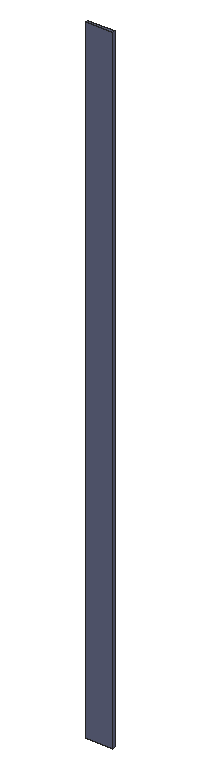
Revit family
Parameters
  Width = 0' - 3"
  Warranty Duration (Years) = 0
  URL = "http://www.asilockers.com/"
  Specification = "http://www.arcat.com/sdspecs/htm/10503asi.htm"
  Send Message = "http://www.arcat.com/users.pl?action=UserEmail&company=ASI%20Storage%20Solutions%20Inc.&coid=42798&rep=139&fax=901-312-6197&mf="
  Sales Information = "http://www.asilockers.com/company.html"
  Revision = "R1_08-2010"
  Product Properties = "http://www.arcat.com/bim/bim_info.pl?fn=ASIStorage"
  Product Data = "http://www.arcat.com/arcatcos/cos42/arc42798.html"
  Model = "As Specified in 10 51 13"
  Finish = "To Match Locker Color"
  Color [instance] = Plastic - Blue #9203
  Manufacturer Website = "http://www.asilockers.com/"
  Manufacturer Phone = "901-312-6195 "
  Manufacturer Fax = "901-312-6197"
  Manufacturer Address = "4444 Delp St., Memphis, TN 38118"
  Manufacturer = "ASI Storage Solutions Inc."
  Maintenance Schedule (Months) = 0
  Keynote = "10 51 13"
  Installation-Fabrication = "http://www.asilockers.com/installation-assembly/installation.pdf"
  Installation Phase = ""
  Height [instance] = 6' - 0"
  Expected Lifespan (Years) = 0
  Drawn By = "Robert S. Weygant, CSI, CDT, SCIP"
  Description = "As Specified in 10 51 13"
  Depth = 0' - 0 3/8"
  Copyright = "2010, ARCAT, Inc"
  Construction Details = "http://www.asilockers.com/installation-assembly/one-page-assembly.pdf"
  Color Chart = "http://www.asilockers.com/color-guide.html"
  Assembly Code = "E2010200"
Reference planes (in)
  plane 1 "Center (Front/Back)": y = -0.76892
  plane 2 "Bottom": z = 0
  plane 3 "Center (Left/Right)": x = -2
  plane 4 "Front": y = -0.95642
  plane 5 "Back": y = -0.58142
  plane 6 "Left": x = -3.5
  plane 7 "Right": x = -0.5
  plane 8 "BO Bench": z = 72
Forms (in)
  Extrusion 1, solid, material "Plastic - Blue #9203" <- "Color"
    sketch origin (-2, 0, 0) x (0, 1, 0) y (0, 0, 1)
      loop
        line (-0.58142, 72) -> (-0.95642, 72) -> (-0.95642, 0) -> (-0.58142, 0) -> (-0.58142, 72)
    from -1.5 to 1.5
Dimensions and locks (in)
  "Width": plane 6 "Left" to plane 7 "Right"
  "Depth": plane 5 "Back" to plane 4 "Front"
  equal spacing: plane 5 "Back", plane 1 "Center (Front/Back)", plane 4 "Front"
  equal spacing: plane 6 "Left", plane 3 "Center (Left/Right)", plane 7 "Right"
  "Height": plane 8 "BO Bench" to level
  aligned and locked: Extrusion 1 to plane 6 "Left"
  aligned and locked: plane 7 "Right" to Extrusion 1
Automatic sketch dimensions
  Extrusion 1 sketch curve to plane 4 "Front" = 0' - 0"
  Extrusion 1 sketch curve to level = 0' - 0"
  Extrusion 1 sketch curve to plane 5 "Back" = 0' - 0"
  Extrusion 1 sketch curve to plane 8 "BO Bench" = 0' - 0"
